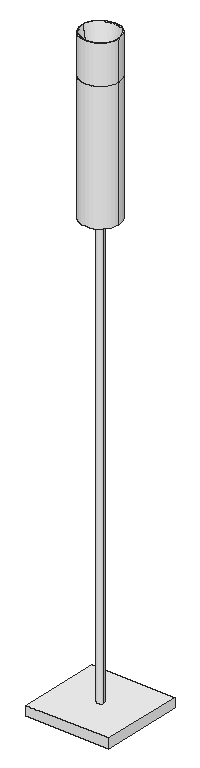
Revit family "Voila 2 Cylinder Pendant", category Lighting Fixtures, host Face, Revit 2015
Parameters
  Wattage = 9.2903 W
  built-in parameter 1150110 = 1 (stored number, unit not read)
  Voltage = if([120 Volts], 120 V, if([277 Volts], 277 V, if([277 Volts], 347 V, if([UNV 120 Volts-277 Volts], 120 V, 120 V))))  # 120 V
  URL = "http://www.lumenwerx.com"
  UNV 120 Volts-277 Volts = no
  built-in parameter 1114217 = 1 (stored number, unit not read)
  Tilt Angle = -90.00°  # constant formula
  built-in parameter 1150109 = 1 (stored number, unit not read)
  built-in parameter 1150134 = 3
  built-in parameter 1150113 = 1 (stored number, unit not read)
  Photometric Web File = "Generic"
  Pendant Canopy = yes
  Optics = Lumenwerx CS Lens
  Mounting Height = 24"
  Model = "Voila 2 Cylinder Pendant"  # constant formula
  Manufacturer = "Lumenwerx"  # constant formula
  built-in parameter 1150105 = 109.82 (stored number, unit not read)
  Lumens = 1380 lm
  built-in parameter 1150115 = 1 (stored number, unit not read)
  Luminaire ID = "VO2CYP"
  Link to Product Page = "http://lumenwerx.com/en/product-line/voila-2-cylinder/"
  Link to IES File = ""
  built-in parameter 1150137 = (empty or 0)
  built-in parameter 1150139 = (empty or 0)
  built-in parameter 1150112 = 1 (stored number, unit not read)
  built-in parameter 1150114 = 1 (stored number, unit not read)
  Lamp = "LED"  # constant formula
  built-in parameter 1150132 = (empty or 0)
  built-in parameter 1150102 = (empty or 0)
  built-in parameter 1150107 = 3200 (stored number, unit not read)
  built-in parameter 1150138 = (empty or 0)
  built-in parameter 1150106 = 1.0982 (stored number, unit not read)
  Fixture Width = 2"
  Fixture Height = 9"
  Finish = Lumenwerx Standard White
  built-in parameter 1150104 = 13.8 (stored number, unit not read)
  Dimming Lamp Color Temperature Shift = <None>
  Default Elevation = 48"
  Conduit Feed = not(Pendant Canopy)  # no
  Color Temperature = 0 K
  Color Filter = 16777215
  built-in parameter 1114218 = 1 (stored number, unit not read)
  Baffle Position = 1"
  built-in parameter 1150133 = 10 (stored number, unit not read)
  Apparent Load = 0 VA
  347 Volts = no
  277 Volts = no
  120 Volts = yes
Reference planes (in)
  plane 1 "Center (Front/Back)": y = 0
  plane 2: z = 0
  plane 3 "Center (Left/Right)": x = 0
  plane 4: x = -1
  plane 5: x = 1
Forms (in)
  Revolve 1, solid, not visible
    sketch origin (0, 0, 0) x (1, 0, 0) y (0, 0, 1)
      loop
        line (0, 0.25) -> (-1, 0.25) -> (-1, 0) -> (-0.96777, 0) -> (-0.96777, 0.21676) -> (0, 0.21676) -> (0, 0.25)
      axis (0, 0.25) -> (0, 0)
    angle from 0 to 360
  Revolve 2, solid, not visible
    sketch origin (0, 0, -2.75) x (1, 0, 0) y (0, 0, 1)
      loop
        line (0, 3) -> (0.175, 3) -> (0.175, 4) -> (0, 4) -> (0, 3)
      axis (0, 4) -> (0, 3)
    angle from 0 to 360
  Revolve 3, solid, not visible
    sketch origin (0, 0, 0) x (1, 0, 0) y (0, 0, 1)
      loop
        line (0, 1.25) -> (0, 11.25) -> (-0.03134, 11.25) -> (-0.03134, 1.25) -> (0, 1.25)
      axis (0, 1.25) -> (0, 11.25)
    angle from 0 to 360
  Extrusion 4, solid, material "Lumenwerx Standard White" <- "Finish", not visible
    sketch origin (0, 0, 0) x (1, 0, 0) y (0, 1, 0)
      loop
        line (-1.91, 0.66) -> (-1.91, -0.66) -> (1.91, -0.66) -> (1.91, 0.66) -> (-1.91, 0.66)
    from 31.6 to 32
  Extrusion 5, void, not visible
    sketch origin (0, 0, 0) x (1, 0, 0) y (0, 1, 0)
      loop
        line (-1.86, 0.61) -> (-1.86, -0.61) -> (-0.66, -0.61) -> (-0.66, 0.61) -> (-1.86, 0.61)
      loop
        line (1.86, -0.61) -> (1.86, 0.61) -> (0.66, 0.61) -> (0.66, -0.61) -> (1.86, -0.61)
      loop
        line (-0.6, 0.61) -> (-0.6, -0.61) -> (0.6, -0.61) -> (0.6, 0.61) -> (-0.6, 0.61)
    from 32 to 31.6
  Extrusion 6, solid, material "Lumenwerx Standard White" <- "Finish"
    sketch origin (0, 0, 0) x (1, 0, 0) y (0, 1, 0)
      loop
        circle (0, 0) r 1
      loop
        circle (0, 0) r 0.96
    from 24 to 30.93
  Extrusion 7, solid, material "Lumenwerx Standard White" <- "Finish", visible <- "Conduit Feed"
    sketch origin (0, 0, 0) x (1, 0, 0) y (0, 1, 0)
      loop
        line (-3, 3) -> (-3, -3) -> (3, -3) -> (3, 3) -> (-3, 3)
    from 0 to 1.5
  Blend 8, void
    base sketch origin (0, 0, 0) x (1, 0, 0) y (0, 1, 0)
      loop
        circle (0, 0) r 0.96
    top sketch origin (0, 0, 0) x (1, 0, 0) y (0, 1, 0)
      loop
        circle (0, 0) r 0.6
    from 33 to 30.93
  Extrusion 9, solid, material "Lumenwerx CS Lens" <- "Optics"
    sketch origin (0, 0, 0) x (1, 0, 0) y (0, 1, 0)
      loop
        circle (0, 0) r 0.6
    from 30.93 to 31
  Extrusion 10, solid, material "Lumenwerx Standard White"
    sketch origin (0, 0, 0) x (1, 0, 0) y (0, 1, 0)
      loop
        circle (0, 0) r 0.18
    from 0 to 24
  Extrusion 11, solid, material "Lumenwerx Standard White", visible <- "Pendant Canopy"
    sketch origin (0, 0, 0) x (1, 0, 0) y (0, 1, 0)
      loop
        line (-2.25, 2.25) -> (-2.25, -2.25) -> (2.251, -2.25) -> (2.251, 2.25) -> (-2.25, 2.25)
    from 0 to 0.5
  Extrusion 12, solid, material "Lumenwerx Standard White" <- "Finish"
    sketch origin (0, 0, 0) x (1, 0, 0) y (0, 1, 0)
      loop
        circle (0, 0) r 0.96
    from 24 to 24.3
  Extrusion 13, solid, material "Lumenwerx Standard White" <- "Finish"
    sketch origin (0, 0, 0) x (1, 0, 0) y (0, 1, 0)
      loop
        circle (0, 0) r 1
    from 30.93 to 33
Cuts and joins
  Blend 8 cuts Extrusion 7
  Blend 8 cuts Extrusion 6
  Blend 8 cuts Extrusion 13
Lines and regions (in)
  reference lines
    curve 1: line (0, 29.015, 33) -> (0, -29.735, 33)
    curve 2: line (0, 29.015, 24) -> (0, -29.735, 24)
    curve 3: line (-2, 0, -16) -> (-2, 0, 67.75)
    curve 4: line (2, 0, -16) -> (2, 0, 67.75)
    curve 5: line (0, -1, -16) -> (0, -1, 70)
    curve 6: line (0, 1, 86.27586) -> (0, 1, -24)
    curve 7: line (-32.56803, 0, 36) -> (37.43197, 0, 36)
    curve 8: line (-31.56803, 1, 0) -> (36.43197, 1, 0)
    curve 9: line (36.43197, -1, 0) -> (-31.56803, -1, 0)
    curve 10: line (0, 29.015, 31) -> (0, -29.735, 31)
    curve 11: line (0, 12, 30.93) -> (0, -12, 30.93)
    curve 12: line (0, -29.735, 24.3) -> (0, 29.015, 24.3)
Dimensions and locks (in)
  curve 4 to curve 3 = 4"
  "Fixture Height": curve 2 to curve 1
  equal spacing: curve 4, plane 3 "Center (Left/Right)", curve 3
  equal spacing: curve 6, curve 3, curve 5
  "Fixture Width": curve 6 to curve 5
  connector elem to curve 4 = 2"
  curve 7 to host face = 36"
  "Mounting Height": host face to curve 2
  equal spacing: curve 9, curve 7, curve 8
  "Fixture Width": curve 9 to curve 8
  equal spacing: plane 4, plane 3 "Center (Left/Right)", plane 5
  "Fixture Width": plane 4 to plane 5
  locked: curve 10 to curve 1 at 2
  locked: curve 11 to curve 10 at 0.07
  locked: curve 12 to curve 2 at 0.3
  aligned and locked: plane 2 to host face
  aligned and locked: level to host face
  aligned and locked: imposter light to plane 1 "Center (Front/Back)"
  aligned and locked: curve 2 to Extrusion 6
  aligned and locked: Blend 8 to curve 1
  aligned and locked: imposter light to curve 10
  aligned and locked: Extrusion 9 to curve 10
  aligned and locked: curve 11 to Extrusion 9
  aligned and locked: Extrusion 10 to curve 2
  aligned and locked: curve 2 to Extrusion 12
  aligned and locked: curve 12 to Extrusion 12
  aligned and locked: cut or joined group of Extrusion 6, Blend 8 to curve 11
  aligned and locked: curve 11 to Extrusion 13
  aligned and locked: Extrusion 13 to curve 1
  aligned and locked: Blend 8 to Extrusion 9
Automatic sketch dimensions
  Revolve 1 sketch curve to Revolve 1 sketch curve = 0.96777"
  Revolve 1 sketch curve to Revolve 1 sketch curve = 0.03324"
  Revolve 1 sketch curve to Revolve 1 sketch curve = 0"
  Revolve 1 sketch curve to Revolve 1 sketch curve = 0.11081"
  Revolve 2 sketch curve to Revolve 2 sketch curve = 0.175"
  Revolve 2 sketch curve to Revolve 2 sketch curve = 1"
  Revolve 2 sketch curve to Revolve 2 sketch curve = 0"  (x2)
  Revolve 2 sketch curve to Revolve 2 sketch curve = 0.5"
  Revolve 3 sketch curve to Revolve 3 sketch curve = 10"
  Revolve 3 sketch curve to Revolve 3 sketch curve = 0"  (x2)
  Revolve 3 sketch curve to Revolve 3 sketch curve = 1.25"
  Revolve 1 sketch curve to Revolve 1 sketch curve = 0.03223"
  Revolve 1 sketch curve to Revolve 1 sketch curve = 0.21676"  (x2)
  Revolve 3 sketch curve to Revolve 3 sketch curve = 0.03134"
  host sketch curve to host sketch curve = 96"  (x2)
  Extrusion 5 sketch curve to Extrusion 5 sketch curve = 0.06"  (x2)
  Extrusion 5 sketch curve to Extrusion 5 sketch curve = 1.2"  (x3)
  Extrusion 5 sketch curve to Extrusion 5 sketch curve = 0"  (x3)
  Extrusion 4 sketch curve to Extrusion 4 sketch curve = 3.82"
  Extrusion 4 sketch curve to Extrusion 4 sketch curve = 1.32"
  Extrusion 5 sketch curve to Extrusion 5 sketch curve = 1.22"  (x2)
  curve 7 to plane 3 "Center (Left/Right)" = 32.56803"
  plane 3 "Center (Left/Right)" to curve 7 = 37.43197"
  curve 3 to level = 16"
  curve 4 to curve 3 = 0"
  curve 7 to curve 4 = 31.75"
  curve 3 to curve 4 = 0"
  plane 3 "Center (Left/Right)" to Extrusion 7 sketch curve = 3"
  plane 1 "Center (Front/Back)" to Extrusion 7 sketch curve = 3"
  Extrusion 7 sketch curve to plane 1 "Center (Front/Back)" = 3"
  Extrusion 7 sketch curve to plane 3 "Center (Left/Right)" = 3"
  plane 1 "Center (Front/Back)" to Extrusion 10 sketch curve = 0"
  Extrusion 10 sketch curve to plane 3 "Center (Left/Right)" = 0"
  plane 1 "Center (Front/Back)" to Blend 8 sketch curve = 0"  (x2)
  Blend 8 sketch curve to plane 3 "Center (Left/Right)" = 0"  (x2)
  plane 1 "Center (Front/Back)" to Extrusion 9 sketch curve = 0"
  Extrusion 9 sketch curve to plane 3 "Center (Left/Right)" = 0"
  Extrusion 6 sketch curve to Extrusion 6 sketch curve = 0"  (x2)
  plane 1 "Center (Front/Back)" to Extrusion 6 sketch curve = 0"
  Extrusion 6 sketch curve to plane 3 "Center (Left/Right)" = 0"
  plane 1 "Center (Front/Back)" to Extrusion 12 sketch curve = 0"
  Extrusion 12 sketch curve to plane 3 "Center (Left/Right)" = 0"
  Extrusion 11 sketch curve to plane 4 = 1.25"
  plane 5 to Extrusion 11 sketch curve = 1.251"
  plane 1 "Center (Front/Back)" to Extrusion 11 sketch curve = 2.25"
  Extrusion 11 sketch curve to plane 1 "Center (Front/Back)" = 2.25"
  curve 9 to plane 4 = 30.56803"
  curve 8 to curve 9 = 0"  (x2)
  plane 5 to curve 9 = 35.43197"
  plane 1 "Center (Front/Back)" to curve 11 = 12"
  curve 12 to curve 11 = 17.735"
  curve 2 to curve 12 = 0"
  curve 10 to curve 12 = 0"
  curve 1 to curve 10 = 0"
  curve 11 to plane 1 "Center (Front/Back)" = 12"
  curve 11 to curve 2 = 17.015"
  curve 1 to curve 2 = 0"
  curve 10 to curve 1 = 0"
  curve 12 to curve 2 = 0"
  curve 5 to level = 16"
  curve 6 to curve 5 = 8"
  curve 11 to curve 5 = 39.07"
  curve 5 to curve 6 = 16.27586"
  plane 1 "Center (Front/Back)" to Extrusion 13 sketch curve = 0"
  Extrusion 13 sketch curve to plane 3 "Center (Left/Right)" = 0"
  radius of Extrusion 10 sketch curve = 0.18"
  radius of Blend 8 sketch curve = 0.6"
  radius of Blend 8 sketch curve = 0.96"
  radius of Extrusion 9 sketch curve = 0.6"
  radius of Extrusion 6 sketch curve = 1"
  radius of Extrusion 6 sketch curve = 0.96"
  radius of Extrusion 12 sketch curve = 0.96"
  radius of Extrusion 13 sketch curve = 1"
Connectors (in)
  electrical at (0, 0, 0), driven by "Voltage"
    settings: index 1, voltage 120 V, apparent load 0 VA, apparent load phase1 0 VA, apparent load phase2 0 VA, apparent load phase3 0 VA, power factor 1, load classification "Other", number of poles 1, system type 31, power factor state 1, is connector primary yes, connector utility no, sub classification motor no, connector description ""
